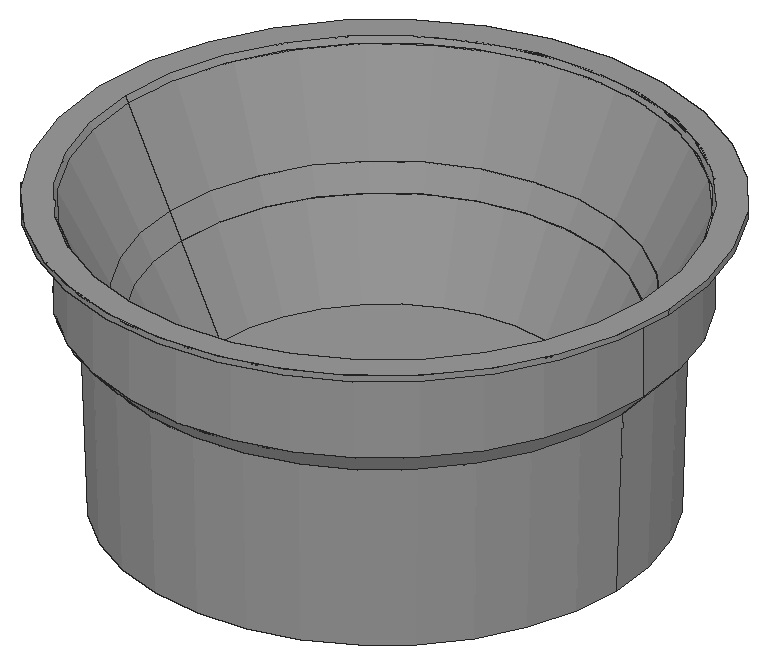
Revit family "2070163", category Lighting Fixtures, host Face, Revit 2018
Family settings
  Host = Face
  Round Connector Dimension = Use Diameter
  Part Type = Normal
  OmniClass Number = 23.80.70.00
  OmniClass Title = Lighting
  Cut with Voids When Loaded = No
  Light Source = Yes
  Shared = No
  Room Calculation Point = No
Parameters (values of type "2070163 SOLST 200 1900LM LUMI 940  SSC ")
  Weight = "n/a"
  Wattage Comments = ""
  Wattage = 9.2903 W
  WarrantyStartDate [instance] = "n/a"
  WarrantyGuarantorParts = "n/a"
  WarrantyDurationUnit = "n/a"
  WarrantyDurationParts = ""
  WarrantyDescription = "http://www.sylvania-lighting.com"
  built-in parameter 1150110 = 1 (stored number, unit not read)
  Voltage = 0 V
  URL = "0.96"
  TypeName = "Solstice 200 1900lm LUMI 940  SSC"
  Type Image = <None>
  Type Comments = "n/a"
  built-in parameter 1114217 = 1 (stored number, unit not read)
  Tilt Angle = -90.00°
  built-in parameter 1150109 = 1 (stored number, unit not read)
  built-in parameter 1150134 = 3
  built-in parameter 1150113 = 1 (stored number, unit not read)
  SerialNumber [instance] = "n/a"
  Photometric Web File = "2070163.IES"
  Material_3_SYL = none
  PowerFactor = 0
  PowerConsumption = "Lighting"
  NominalLength = 215 mm
  NominalHeight = 100 mm
  NominalDepth = 215 mm
  Name = "Solstice 200 1900lm LUMI 940  SSC"
  ModelReference = Name  # "Solstice 200 1900lm LUMI 940  SSC"
  ModelNumber = "2070163"
  Model = Name  # "Solstice 200 1900lm LUMI 940  SSC"
  Material = "Feilo Sylvania"
  ManufacturerName = "106 lm/W"
  Manufacturer = ""
  LuminousEfficacy = ""
  built-in parameter 1150105 = 109.82 (stored number, unit not read)
  Lumens = 1380 lm
  LuminaireType = "0"
  built-in parameter 1150115 = 1 (stored number, unit not read)
  LightOutputRatio = "LED"
  built-in parameter 1150137 = (empty or 0)
  built-in parameter 1150139 = (empty or 0)
  LampsType = Lamp  # "n/a"
  LampNominalLuminous = "4000 K"
  LampMacAdamStep = "97"
  LampColourTemperature = "LED"
  LampColourRenderingIndex = "16500"
  built-in parameter 1150112 = 1 (stored number, unit not read)
  built-in parameter 1150114 = 1 (stored number, unit not read)
  Lamp = "n/a"
  Keynote = "n/a"
  InstallationDate [instance] = "n/a"
  InputVoltage = "0"
  InputNominalFrequency = "4000"
  built-in parameter 1150132 = (empty or 0)
  built-in parameter 1150102 = (empty or 0)
  built-in parameter 1150107 = 3200 (stored number, unit not read)
  built-in parameter 1150138 = (empty or 0)
  IngressProtection = "IfcLightFixtureType"
  ImpactProtectionIndex = "IfcLightFixtureType"
  built-in parameter 1150106 = 1.0982 (stored number, unit not read)
  IfcExportType = "IfcLightFixtureType"
  IfcExportAs = "Class II"
  Emit from Circle Diameter = 609.6 mm
  Emit Shape Visible in Rendering = no
  ElectricShockClassification = "106"
  built-in parameter 1150104 = 13.8 (stored number, unit not read)
  DocumentationLiterature = "http://www.sylvania-lighting.com/product/en-int/products/2070163"
  DimmingControlOptions = "n/a"
  Material_2_SYL = none
  Dimming Lamp Color Temperature Shift = <None>
  Description = "The Solstice 200 1900lm LUMI 940 SSC is a high efficient SSC dimmable downlight luminaire, Colour rendering index Ra>96, Colour temperature: 4000K Neutral White, Class II, Protection rating IP40/IP20, Cut out dimensions: 200mm."
  Default Elevation = 1219.2 mm
  CreatedOn = "03/08/2023"
  CreatedBy = "@sylvania-lighting.com"
  Cost = 0
  Color Filter = 16777215
  built-in parameter 1114216 [instance] = (empty or 0)
  ClassificationValue = "EF_70_80"
  ClassificationName = "Uniclass2015"
  Material_1_SYL = none
  BarCode [instance] = "n/a"
  built-in parameter 1114218 = 1 (stored number, unit not read)
  built-in parameter 1150133 = 10 (stored number, unit not read)
  AssetType = "Fixed"
  AssetIdentifier [instance] = "n/a"
  Assembly Code = "D5020200"
  Apparent Load = 18 VA
  Material_4_SYL = none
Reference planes
  plane 1 "Center (Front/Back)": y = 0
  plane 2: z = 0
  plane 3 "Center (Left/Right)": x = 0
  plane 4: x = -107.5
  plane 5: x = 107.5
  plane 6: y = 107.5
  plane 7: y = -107.5
  plane 8: z = -100
  plane 9: through (22.818, 35.261, 1219.2) normal (0.8403, -0.5421, 0)
Forms (mm)
  Extrusion 1, solid, material "Aluminum", detail levels medium+fine
    sketch origin (0, 0, 0) x (1, 0, 0) y (0, 1, 0)
      loop
        circle (0, 0) r 107.5
    from 0 to 2
  Extrusion 2, solid, material "Aluminum", detail levels medium+fine
    sketch origin (0, 0, 0) x (1, 0, 0) y (0, 1, 0)
      loop
        circle (0, 0) r 98
    from 0 to -31
  Blend 3, solid, material "Aluminum", detail levels medium+fine
    base sketch origin (0, 0, 0) x (1, 0, 0) y (0, 1, 0)
      loop
        circle (0, 0) r 98
    top sketch origin (0, 0, 0) x (1, 0, 0) y (0, 1, 0)
      loop
        circle (0, 0) r 90
    from -31 to -39.5
  Blend 4, solid, material "Aluminum", detail levels medium+fine
    base sketch origin (0, 1219.2, 38) x (1, 0, 0) y (0, 1, 0)
      loop
        circle (0, -1219.2) r 90
    top sketch origin (0, 1219.2, 38) x (1, 0, 0) y (0, 1, 0)
      loop
        circle (0, -1219.2) r 88
    from -77.5 to -138
  Blend 5, solid, material "Glass, White, High Luminance", detail levels fine
    base sketch origin (0, 1219.2, 38) x (1, 0, 0) y (0, 1, 0)
      loop
        circle (0, -1219.2) r 61.5
    top sketch origin (0, 1219.2, 38) x (1, 0, 0) y (0, 1, 0)
      loop
        circle (0, -1219.2) r 61.5
    from -108 to -106.452
  Extrusion 6, solid, material "Aluminum", detail levels medium+fine
    sketch origin (0, 1219.2, 38) x (1, 0, 0) y (0, 1, 0)
      loop
        circle (0.108, -1219.141) r 41.941
    from -137.794 to -138
  Extrusion 7, solid, detail levels coarse
    sketch origin (0, 0, 0) x (1, 0, 0) y (0, 0, 1)
      loop
        line (-107.5, 2) -> (-107.5, -100) -> (107.5, -100) -> (107.5, 2) -> (-107.5, 2)
    from -107.5 to 107.5
  Blend 8, void
    base sketch origin (0, 0, 0) x (1, 0, 0) y (0, 1, 0)
      loop
        circle (0.108, 0.059) r 98
    top sketch origin (0, 0, 0) x (1, 0, 0) y (0, 1, 0)
      loop
        circle (0.108, 0.059) r 61.5
    from 2 to -70
Cuts and joins
  Blend 8 cuts Extrusion 1
  Blend 8 cuts Extrusion 7
  Blend 8 cuts Extrusion 2
  Blend 8 cuts Blend 4
  Blend 8 cuts Blend 3
Dimensions and locks
  "NominalLength": plane 4 to plane 5
  equal spacing: plane 4, plane 3 "Center (Left/Right)", plane 5
  "NominalDepth": plane 6 to plane 7
  equal spacing: plane 6, plane 1 "Center (Front/Back)", plane 7
  "NominalHeight": level to plane 8
  aligned and locked: plane 2 to host face
  aligned and locked: level to host face
Automatic sketch dimensions
  host sketch curve to host sketch curve = 2438.4 mm  (x2)
  plane 1 "Center (Front/Back)" to Extrusion 1 sketch curve = 0 mm
  Extrusion 1 sketch curve to plane 3 "Center (Left/Right)" = 0 mm
  plane 1 "Center (Front/Back)" to Extrusion 2 sketch curve = 0 mm
  Extrusion 2 sketch curve to plane 3 "Center (Left/Right)" = 0 mm
  plane 1 "Center (Front/Back)" to Blend 3 sketch curve = 0 mm  (x2)
  Blend 3 sketch curve to plane 3 "Center (Left/Right)" = 0 mm  (x2)
  plane 1 "Center (Front/Back)" to Blend 4 sketch curve = 0 mm  (x2)
  Blend 4 sketch curve to plane 3 "Center (Left/Right)" = 0 mm  (x2)
  plane 1 "Center (Front/Back)" to Blend 5 sketch curve = 0 mm  (x2)
  Blend 5 sketch curve to plane 3 "Center (Left/Right)" = 0 mm  (x2)
  plane 3 "Center (Left/Right)" to Extrusion 6 sketch curve = 0.108 mm
  Extrusion 6 sketch curve to plane 1 "Center (Front/Back)" = 0.059 mm
  Extrusion 7 sketch curve to plane 4 = 0 mm
  plane 5 to Extrusion 7 sketch curve = 0 mm
  Extrusion 7 sketch curve to plane 8 = 0 mm
  level to Extrusion 7 sketch curve = 2 mm
  plane 9 to Blend 8 sketch curve = 0 mm  (x2)
  Blend 8 sketch curve to plane 1 "Center (Front/Back)" = 0.059 mm  (x2)
  radius of Extrusion 1 sketch curve = 107.5 mm
  radius of Extrusion 2 sketch curve = 98 mm
  radius of Blend 3 sketch curve = 98 mm
  radius of Blend 3 sketch curve = 90 mm
  radius of Blend 4 sketch curve = 90 mm
  radius of Blend 4 sketch curve = 88 mm
  radius of Blend 5 sketch curve = 61.5 mm  (x2)
  radius of Extrusion 6 sketch curve = 41.941 mm
  radius of Blend 8 sketch curve = 98 mm
  radius of Blend 8 sketch curve = 61.5 mm
Connectors
  electrical at (0.108, 0.059, -99.794)
    settings: on Extrusion 6, index 1, voltage 0 V, apparent load 0 VA, apparent load phase1 0 VA, apparent load phase2 0 VA, apparent load phase3 0 VA, power factor 1, load classification "Other", number of poles 1, system type 31, power factor state 1, is connector primary yes, connector utility no, sub classification motor no, connector description ""
